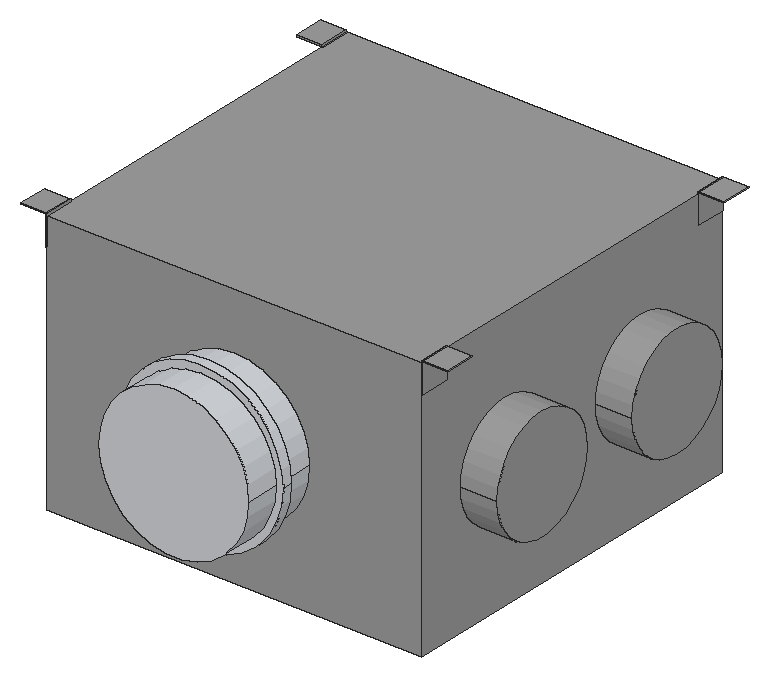
Revit family "FASU(F4-150 200Φ)", category ダクト付属品, Revit 2022
Family settings
  丸型コネクタ寸法 = 直径を使用
  パーツ タイプ = ダンパー
  OmniClass 番号 = 23.75.00.00
  OmniClass タイトル = Climate Control (HVAC)
  作業面ベース = いいえ
  常に垂直 = はい
  ロード時にボイドで切り取り = いいえ
  共有 = いいえ
Parameters
  高さ = 350 mm
  風量 = 0.0 L/s
  符号 = "FASU"
  形式 = "F4-150 200φ"
  幅 [instance] = 500 mm
  奥行き = 500 mm
  大きさ = 200 mm
  呼称 = "FASUチャンバー"
  付属品_下端レベル [instance] = 0 mm
  マテリアル [instance] = 既定値
  ダクト_イン = 200 mm
  ダクト_アウト = 150 mm
  既定の高さ = 0 mm
Reference planes
  plane 1 "中心(正面/背面)": y = 0
  plane 2: z = 0
  plane 3 "中心(左/右)": x = 0
  plane 4: x = -250
  plane 5: x = 250
  plane 6: y = -500
  plane 7: z = 350
  plane 8: z = 175
  plane 9: z = 266.963
  plane 10: z = 86.159
  plane 11: x = -251
  plane 12: z = 313.122
  plane 13: z = 352.122
  plane 14: y = -250
Forms (mm)
  Extrusion 1, solid, material "既定値" <- "マテリアル"
    sketch origin (0, 0, 0) x (1, 0, 0) y (0, 1, 0)
      loop
        line (-250, 0) -> (-250, -500) -> (250, -500) -> (250, 0) -> (-250, 0)
    from 0 to 350
  Extrusion 2, solid, material "既定値" <- "マテリアル"
    sketch origin (0, -30, 0) x (0, 1, 0) y (0, 0, 1)
      loop
        circle (-332.5, 175) r 74.985
    from -300 to -250
  Extrusion 3, solid, material "既定値" <- "マテリアル"
    sketch origin (550, -30, 0) x (0, 1, 0) y (0, 0, 1)
      loop
        circle (-332.5, 175) r 74.985
    from -300 to -250
  Extrusion 4, solid, material "既定値" <- "マテリアル"
    sketch origin (0, -30, 0) x (1, 0, 0) y (0, 1, 0)
      loop
        line (-250, 30) -> (-251, 30) -> (-251, -10) -> (-250, -10) -> (-250, 30)
    from 313.122 to 350
  Extrusion 5, solid, material "既定値" <- "マテリアル"
    sketch origin (0, -30, 0) x (1, 0, 0) y (0, 1, 0)
      loop
        line (-285, 30) -> (-285, -10) -> (-251, -10) -> (-251, 30) -> (-285, 30)
    from 352.122 to 350
  Extrusion 6, solid, material "既定値" <- "マテリアル"
    sketch origin (0, -30, 0) x (-1, 0, 0) y (0, -1, 0)
      loop
        line (-250, -30) -> (-250, 10) -> (-251, 10) -> (-251, -30) -> (-250, -30)
    from 313.122 to 353.122
  Extrusion 7, solid, material "既定値" <- "マテリアル"
    sketch origin (0, -30, 0) x (-1, 0, 0) y (0, -1, 0)
      loop
        line (-285, -30) -> (-251, -30) -> (-251, 10) -> (-285, 10) -> (-285, -30)
    from 352.122 to 353.122
  Extrusion 8, solid, material "既定値" <- "マテリアル"
    sketch origin (0, -490, 0) x (1, 0, 0) y (0, 1, 0)
      loop
        line (-285, 30) -> (-285, -10) -> (-251, -10) -> (-251, 30) -> (-285, 30)
    from 352.122 to 353.122
  Extrusion 9, solid, material "既定値" <- "マテリアル"
    sketch origin (0, -490, 0) x (1, 0, 0) y (0, 1, 0)
      loop
        line (-250, 30) -> (-251, 30) -> (-251, -10) -> (-250, -10) -> (-250, 30)
    from 313.122 to 353.122
  Extrusion 10, solid, material "既定値" <- "マテリアル"
    sketch origin (0, -490, 0) x (-1, 0, 0) y (0, -1, 0)
      loop
        line (-285, -30) -> (-251, -30) -> (-251, 10) -> (-285, 10) -> (-285, -30)
    from 352.122 to 353.122
  Extrusion 11, solid, material "既定値" <- "マテリアル"
    sketch origin (0, -490, 0) x (-1, 0, 0) y (0, -1, 0)
      loop
        line (-250, -30) -> (-250, 10) -> (-251, 10) -> (-251, -30) -> (-250, -30)
    from 313.122 to 353.122
  Extrusion 12, solid, material "既定値" <- "マテリアル"
    sketch origin (550, -470, 0) x (0, -1, 0) y (0, 0, -1)
      loop
        circle (-332.5, -175) r 74.985
    from -300 to -250
  Extrusion 13, solid, material "既定値" <- "マテリアル"
    sketch origin (-550, -470, 0) x (0, -1, 0) y (0, 0, 1)
      loop
        circle (-332.5, 175) r 74.985
    from -300 to -250
  Extrusion 14, solid
    sketch origin (945.05, 0, 42.896) x (1, 0, 0) y (0, 0, 1)
      loop
        circle (-945.05, 132.104) r 100
    from 500 to 542.5
  Extrusion 15, solid
    sketch origin (945.05, -57.5, 42.896) x (1, 0, 0) y (0, 0, 1)
      loop
        circle (-945.05, 132.104) r 100
    from 497.907 to 542.5
  Extrusion 16, solid
    sketch origin (0, 0, 0) x (1, 0, 0) y (0, 0, 1)
      loop
        circle (0, 175) r 110
    from 542.5 to 555.407
Lines and regions (mm)
  model lines
    curve 1: line (-250, -30, 0) -> (250, -30, 0)
    curve 2: line (-250, -470, 0) -> (250, -470, 0)
Text (mm)
  text "FASU(F4-150 200Φ)" at (120.822, -450.782, 0), in view "参照レベル"
Dimensions and locks
  equal spacing: plane 4, plane 3 "中心(左/右)", plane 5
  "幅": plane 4 to plane 5
  "奥行き": plane 6 to plane 1 "中心(正面/背面)"
  "高さ": plane 7 to level
  equal spacing: plane 7, plane 8, level
  equal spacing: plane 6, plane 14, plane 1 "中心(正面/背面)"
  aligned and locked: level to plane 2
  aligned and locked: Extrusion 1 sketch curve to plane 5
  aligned and locked: plane 7 to Extrusion 1
  aligned and locked: plane 4 to Extrusion 2
  aligned and locked: Extrusion 3 to plane 5
  aligned and locked: Extrusion 4 sketch curve to Extrusion 1
  aligned and locked: plane 7 to Extrusion 4
  aligned and locked: Extrusion 5 sketch curve to Extrusion 4
  aligned and locked: Extrusion 4 to Extrusion 5 sketch curve
  aligned and locked: plane 7 to Extrusion 5
  aligned and locked: Extrusion 5 to plane 13
  aligned and locked: Extrusion 6 to Extrusion 7 sketch curve
  aligned and locked: Extrusion 7 sketch curve to Extrusion 6
  aligned and locked: Extrusion 1 to Extrusion 10
  aligned and locked: Extrusion 8 to Extrusion 1
  aligned and locked: Extrusion 9 to Extrusion 1
  aligned and locked: Extrusion 1 to Extrusion 11
  aligned and locked: Extrusion 11 to Extrusion 10
  aligned and locked: Extrusion 9 to Extrusion 8
  aligned and locked: plane 4 to Extrusion 9
  aligned and locked: Extrusion 11 to plane 5
  aligned and locked: plane 4 to curve 1
  aligned and locked: plane 5 to curve 1
  aligned and locked: plane 5 to curve 2
  aligned and locked: plane 4 to curve 2
  aligned and locked: Extrusion 1 to Extrusion 5
  aligned and locked: Extrusion 7 to Extrusion 1
  aligned and locked: Extrusion 6 to plane 5
  aligned and locked: Extrusion 1 to plane 6
  aligned and locked: Extrusion 1 to plane 1 "中心(正面/背面)"
  aligned and locked: Extrusion 12 to plane 5
  aligned and locked: plane 4 to Extrusion 13
  aligned and locked: plane 6 to Extrusion 14
  aligned and locked: Extrusion 14 to Extrusion 16
  aligned and locked: Extrusion 16 to Extrusion 15
Automatic sketch dimensions
  plane 6 to curve 2 = 30 mm
  plane 1 "中心(正面/背面)" to curve 1 = 30 mm
  Extrusion 1 sketch curve to plane 4 = 0 mm
  Extrusion 1 sketch curve to plane 6 = 0 mm
  plane 1 "中心(正面/背面)" to Extrusion 1 sketch curve = 0 mm
  Extrusion 2 sketch curve to plane 8 = 0 mm
  Extrusion 2 sketch curve to plane 14 = 112.5 mm
  Extrusion 3 sketch curve to plane 8 = 0 mm
  Extrusion 3 sketch curve to plane 14 = 112.5 mm
  plane 1 "中心(正面/背面)" to Extrusion 4 sketch curve = 0 mm
  Extrusion 4 sketch curve to plane 11 = 0 mm
  Extrusion 4 sketch curve to Extrusion 4 sketch curve = 40 mm
  plane 1 "中心(正面/背面)" to Extrusion 5 sketch curve = 0 mm
  Extrusion 5 sketch curve to Extrusion 5 sketch curve = 34 mm
  plane 1 "中心(正面/背面)" to Extrusion 6 sketch curve = 0 mm
  Extrusion 6 sketch curve to plane 5 = 0 mm
  Extrusion 6 sketch curve to Extrusion 6 sketch curve = 1 mm
  Extrusion 6 sketch curve to Extrusion 6 sketch curve = 40 mm
  plane 1 "中心(正面/背面)" to Extrusion 7 sketch curve = 0 mm
  Extrusion 7 sketch curve to Extrusion 7 sketch curve = 34 mm
  Extrusion 8 sketch curve to plane 6 = 0 mm
  Extrusion 8 sketch curve to plane 11 = 0 mm
  Extrusion 8 sketch curve to Extrusion 8 sketch curve = 34 mm
  plane 6 to Extrusion 8 sketch curve = 40 mm
  Extrusion 9 sketch curve to plane 11 = 0 mm
  Extrusion 9 sketch curve to plane 4 = 0 mm
  Extrusion 9 sketch curve to plane 6 = 0 mm
  plane 6 to Extrusion 9 sketch curve = 40 mm
  Extrusion 10 sketch curve to plane 6 = 0 mm
  Extrusion 10 sketch curve to plane 5 = 35 mm
  Extrusion 10 sketch curve to plane 5 = 1 mm
  Extrusion 10 sketch curve to plane 6 = 40 mm
  Extrusion 11 sketch curve to plane 6 = 0 mm
  Extrusion 11 sketch curve to plane 5 = 0 mm
  Extrusion 11 sketch curve to Extrusion 11 sketch curve = 1 mm
  Extrusion 11 sketch curve to plane 6 = 40 mm
  Extrusion 12 sketch curve to plane 8 = 0 mm
  plane 14 to Extrusion 12 sketch curve = 112.5 mm
  Extrusion 13 sketch curve to plane 8 = 0 mm
  plane 14 to Extrusion 13 sketch curve = 112.5 mm
  Extrusion 14 sketch curve to plane 3 "中心(左/右)" = 0 mm
  Extrusion 14 sketch curve to plane 8 = 0 mm
  Extrusion 15 sketch curve to plane 3 "中心(左/右)" = 0 mm
  plane 8 to Extrusion 15 sketch curve = 0 mm
  Extrusion 16 sketch curve to plane 3 "中心(左/右)" = 0 mm
  Extrusion 16 sketch curve to plane 8 = 0 mm
  radius of Extrusion 2 sketch curve = 74.985 mm
  radius of Extrusion 3 sketch curve = 74.985 mm
  radius of Extrusion 12 sketch curve = 74.985 mm
  radius of Extrusion 13 sketch curve = 74.985 mm
  radius of Extrusion 14 sketch curve = 100 mm
  radius of Extrusion 15 sketch curve = 100 mm
  radius of Extrusion 16 sketch curve = 110 mm
Connectors
  hvac at (-300, -362.5, 175), driven by "ダクト_アウト"
    settings: on Extrusion 2, index 1, duct flow 0.0 L/s, flow factor 0, pres drop 0.0 Pa, loss coef 0, conn angle 0.00°, conn width 304.8 mm, conn height 304.8 mm, conn diameter 150 mm, duct sys type 29, conn prof type 0, flow config 0, flow direction 2, loss method 0, conn ref index -1, conn util no, is conn primary yes, conn desc ""
  hvac at (-300, -137.5, 175), driven by "ダクト_アウト"
    settings: on Extrusion 13, index 2, duct flow 0.0 L/s, flow factor 0, pres drop 0.0 Pa, loss coef 0, conn angle 0.00°, conn width 304.8 mm, conn height 304.8 mm, conn diameter 150 mm, duct sys type 29, conn prof type 0, flow config 0, flow direction 2, loss method 0, conn ref index -1, conn util no, is conn primary no, conn desc ""
  hvac at (300, -362.5, 175), driven by "ダクト_アウト"
    settings: on Extrusion 3, index 3, duct flow 0.0 L/s, flow factor 0, pres drop 0.0 Pa, loss coef 0, conn angle 0.00°, conn width 304.8 mm, conn height 304.8 mm, conn diameter 150 mm, duct sys type 29, conn prof type 0, flow config 0, flow direction 2, loss method 0, conn ref index -1, conn util no, is conn primary no, conn desc ""
  hvac at (300, -137.5, 175), driven by "ダクト_アウト"
    settings: on Extrusion 12, index 4, duct flow 0.0 L/s, flow factor 0, pres drop 0.0 Pa, loss coef 0, conn angle 0.00°, conn width 304.8 mm, conn height 304.8 mm, conn diameter 150 mm, duct sys type 29, conn prof type 0, flow config 0, flow direction 2, loss method 0, conn ref index -1, conn util no, is conn primary no, conn desc ""
  hvac at (0, -600, 175)
    settings: on Extrusion 15, index 5, duct flow 0.0 L/s, flow factor 0, pres drop 0.0 Pa, loss coef 0, conn angle 0.00°, conn width 304.8 mm, conn height 304.8 mm, conn diameter 200 mm, duct sys type 1, conn prof type 0, flow config 0, flow direction 1, loss method 0, conn ref index -1, conn util no, is conn primary no, conn desc ""
